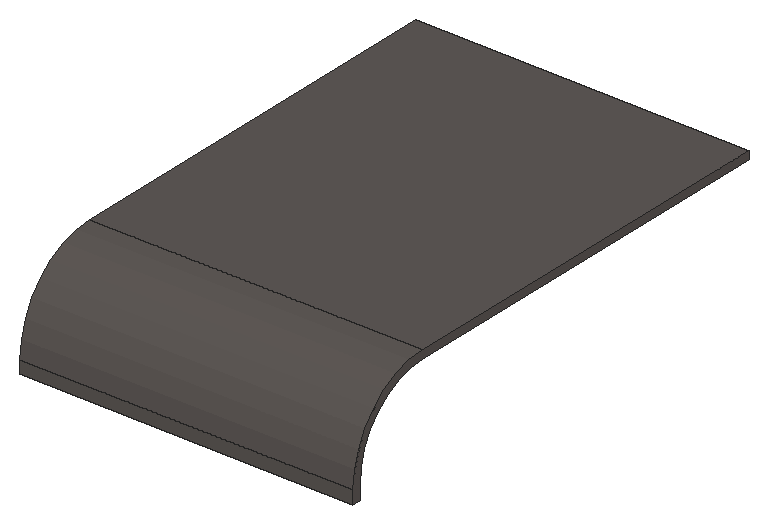
Revit family "Seating-Sofa-Teknion-BBTC_Cloud_Table_Top-R2012", category Furniture, Revit 2013
Parameters (values of type "Table Top")
  Width = 1' - 3 3/4"  # constant formula
  Warranty = "http://www.teknionstudio.com/pdfs/Teknion%20Studio%20Warranty.pdf"
  URL = "http://www.teknion.com"
  Series = "B&B Italia"
  Salvage or Reuse = yes
  Product Page URL = "http://www.teknionstudio.com/cloud/#.Ula9UhAQP-o"
  Product Line = "Cloud"
  Product Documentation Link = "http://www.teknion.com/pricing/studio/pdfs/BBSC_ppg.pdf"
  Percentage of Recycled Content = 0
  Part Number = "BBTC"
  Model = "BBTC"
  Manufacturer Phone = "919-464-2920"
  Manufacturer Fax = "919-464-2927"
  Manufacturer Email = "customersupport@teknionstudio.com"
  Manufacturer Address = "3940 US 70 Business HWY West, Clayton, NC 27520"
  Manufacturer = "Teknion Studio"  # constant formula
  Low Emitting Material = yes
  Low Emitting Finish = yes
  Height = 0' - 4 3/8"  # constant formula
  Description = "Cloud Seating Table Top"
  Depth = 1' - 11 3/8"  # constant formula
  Assembly Code = "E2020200"
Reference planes (in)
  plane 1 "Center F/B": y = 0
  plane 2: z = 0
  plane 3 "Center L/R": x = 0
  plane 4 "Left": x = -7.875
  plane 5 "Right": x = 7.875
  plane 6 "Back": y = 11.6875
  plane 7 "Front": y = -11.6875
  plane 8 "Bottom": z = 10.625
  plane 9 "Top of Table_Masking Region Plane": z = 15.375
  plane 10 "Sofa Mount": y = 5.5005
  plane 11: z = 15
Forms (in)
  Sweep 1, solid, material "Compact Laminate - Teknion - RZ - Ebony"
    path origin (0, 0, 0) x (1, 0, 0) y (0, 1, 0)
      loop
        line (-7.875, 0) -> (7.875, 0)
    profile origin (0, 0, 0) x (0, 1, 0) y (0, 0, 1)
      loop
        line (11.6875, 15) -> (11.6875, 15.375) -> (-7.5625, 15.375)
        arc (-7.5625, 15.375) -> (-10.47932, 14.16682) -> (-11.6875, 11.25) r 4.125
        line (-11.6875, 11.25) -> (-11.6875, 10.625) -> (-11.3125, 10.625) -> (-11.3125, 11.25)
        arc (-11.3125, 11.25) -> (-10.21415, 13.90165) -> (-7.5625, 15) r 3.75
        line (-7.5625, 15) -> (11.6875, 15)
Lines and regions (in)
  Masking region 1
    outline origin (0, 0, 15.375) x (0, 1, 0) y (-1, 0, 0)
      loop
        arc (11.6875, 6.875) -> (11.39461, 7.58211) -> (10.6875, 7.875) r 1
        line (10.6875, 7.875) -> (-11.6875, 7.875) -> (-11.6875, -7.875) -> (10.6875, -7.875)
        arc (10.6875, -7.875) -> (11.39461, -7.58211) -> (11.6875, -6.875) r 1
        line (11.6875, -6.875) -> (11.6875, 6.875)
Dimensions and locks (in)
  equal spacing: plane 4 "Left", plane 3 "Center L/R", plane 5 "Right"
  "Width": plane 4 "Left" to plane 5 "Right"
  equal spacing: plane 6 "Back", plane 1 "Center F/B", plane 7 "Front"
  "Depth": plane 6 "Back" to plane 7 "Front"
  "Height": plane 11 to plane 8 "Bottom"
  locked: plane 10 "Sofa Mount" to plane 1 "Center F/B" at 5.5005
  locked: plane 9 "Top of Table_Masking Region Plane" to plane 11 at 0.375
  locked: Sweep 1 sketch curve to plane 8 "Bottom" at 0.625  (x2)
  aligned: level to plane 2
  aligned and locked: plane 5 "Right" to Sweep 1 sketch curve
  aligned and locked: plane 4 "Left" to Sweep 1 sketch curve
  aligned and locked: plane 1 "Center F/B" to Sweep 1 sketch curve
  aligned and locked: plane 6 "Back" to Sweep 1 sketch curve
  aligned and locked: Masking region 1 sketch curve to plane 6 "Back"
  aligned and locked: Masking region 1 sketch curve to plane 4 "Left"
  aligned and locked: Masking region 1 sketch curve to plane 5 "Right"
  aligned and locked: Masking region 1 sketch curve to plane 7 "Front"
  aligned and locked: Sweep 1 sketch curve to plane 11
  aligned and locked: plane 9 "Top of Table_Masking Region Plane" to Sweep 1 sketch curve
  aligned and locked: Sweep 1 sketch curve to plane 8 "Bottom"
  aligned and locked: Sweep 1 sketch curve to plane 7 "Front"
Automatic sketch dimensions
  Sweep 1 sketch curve to Sweep 1 sketch curve = 0' - 0"
  Masking region 1 sketch curve to plane 6 "Back" = 0' - 1"  (x2)
